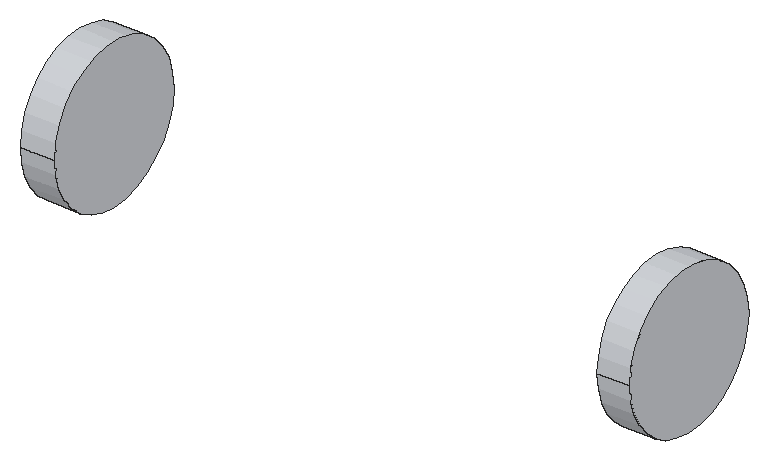
Revit family "SENT250T", category Mechanical Equipment, Revit 2013
Parameters
  Width (including controller) = "925mm"
  Width (excluding controller) = "829mm"
  Weight = "48Kg"
  Warranty period = "Unit 2 years                                    Motor 5 years"
  Spigot Diameter = "100mm"
  Product Description = "Sentinel D-Box Twin Fan"
  Part Number = "SENT250T"
  Options = "Weatherproofed and Constant Pressure options"
  Operational and Maintenance Manual = "http://www.vent-axia.com/files/pdf-downloads/432984_0.pdf"
  Operating Temperature = "(-10C to +40C)"
  Motor Rating = "160 Watts (max)"
  Manufacturer - Website = "www.vent-axia.com"
  Manufacturer - Name = "Vent-Axia Ltd"
  Manufacturer - Email = "sales@vent-axia.com"
  Manufacturer - Contact Phone = "0844 856 0590"
  Manufacturer - Address = "Fleming Way, Crawley, West Sussex RH10 9YX"
  Length (including Spigots) = "1020mm"
  Length (excluding Spigots) = "925mm"
  IP Rating  Internal = "IPX2"
  IP Rating  External (WP) = "IPX5"
  Height = "354mm"
  Country of Manufacture = "UK"
  Category = "Sentinel D-Box Twin Fan"
  AC Voltage Input = "220-240 V AC (single phase)"
  AC Frequency Input = "50Hz nominal"
Reference planes
  plane 1 "Center (Front/Back)": y = 0
  plane 2: z = 0
  plane 3 "Center (Left/Right)": x = 0
  plane 4 "1": x = -515
  plane 5: x = 510
  plane 6: y = 414.5
  plane 7: y = -414.5
Forms (mm)
  Extrusion 1, solid
    sketch origin (-515, 0, 0) x (0, 1, 0) y (0, 0, 1)
      loop
        circle (0, 173.869) r 125
    from 1.355 to 58.98
  Extrusion 2, solid
    sketch origin (515, 0, 0) x (0, 1, 0) y (0, 0, -1)
      loop
        circle (0, -173.869) r 125
    from 5 to 58.98
Connectors
  hvac at (510, 0, 173.869)
    settings: on Extrusion 2, index 1, duct flow 0.0 L/s, flow factor 0, pres drop 0.0 Pa, loss coef 0, conn angle 0.00°, conn width 304.8 mm, conn height 304.8 mm, conn radius 75 mm, duct sys type 2, conn prof type 0, flow config 0, flow direction 1, loss method 0, conn ref index -1, conn util no, is conn primary yes, conn desc ""
  hvac at (-513.645, 0, 173.869)
    settings: on Extrusion 1, index 2, duct flow 0.0 L/s, flow factor 0, pres drop 0.0 Pa, loss coef 0, conn angle 0.00°, conn width 304.8 mm, conn height 304.8 mm, conn radius 75 mm, duct sys type 3, conn prof type 0, flow config 0, flow direction 2, loss method 0, conn ref index -1, conn util no, is conn primary no, conn desc ""
